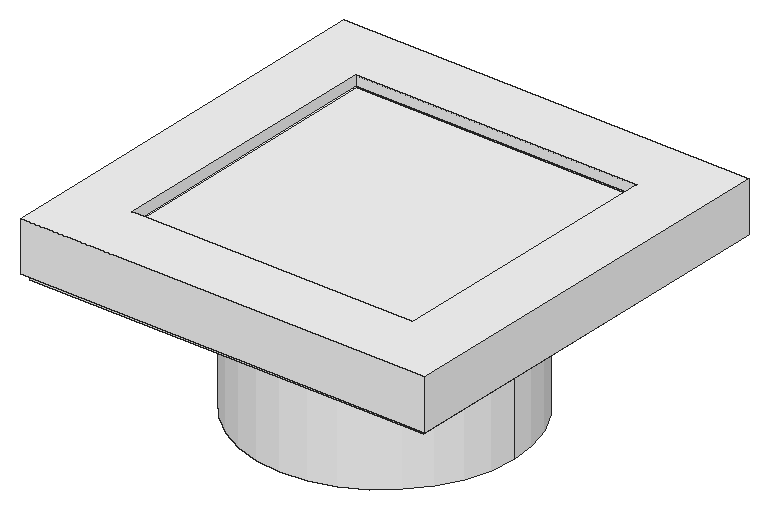
Revit family "Gira_012727", category Electrical Fixtures, host Face, Revit 2017
Family settings
  Host = Face
  Maintain Annotation Orientation = Yes
  Round Connector Dimension = Use Diameter
  Part Type = Normal
  Cut with Voids When Loaded = No
  Shared = No
  Room Calculation Point = No
Parameters (values of type "PB sw. interm.sw. System 55 p.white m")
  With mounting plate = "No"
  Wiring system = "Intermediate switch"
  White [instance] = White
  Washing machine switch = "No"
  URL = "http://katalog.gira.de/en/datenblatt.html?artikelnr=012727"
  Type of fastening = "Mounting with claw and screw"
  Surface protection = "Other"
  Surface finishing = "Matt"
  Suitable for degree of protection (IP) = "IP20"
  Rated current = "10"
  RAL-number (akin) = "9010"
  Push button switch = "Yes"
  Number of rockers = "1"
  Number of modules (module system) = "1"
  Nominal voltage = "250"
  Name = "PB sw. interm.sw. System 55 p.white m"
  Mounting method = "Flush mounted (plaster)"
  Model = "Sys55_Komplettgerät_Schalten und Tasten"
  Method of operation = "Rocker/button"
  Material quality = "Thermoplastic"
  Material = "Plastic"
  Manufacturer URL = "https://www.gira.de/"
  Manufacturer = "Gira"
  Label space/information surface = "No"
  Illumination = "No"
  HeinzeBIM = "https://bimportal.heinze.de/bim/pb-sw-interm-sw-system-55-p-white-m/a62523da7449d150f5f98cdfee27da05a95ad77b"
  Halogen free = "Yes"
  HAN = "012727"
  GTIN = "4010337127277"
  Feedback-signal contact = "No"
  Description = "PB sw.interm.sw. Sys55 PWm,Pushbutton switch 10 AX 250 V~ with rocker,Intermediate switch,pure white matt,"
  Default Elevation = 1219.2 mm
  Data sheet (1) = "https://katalog.gira.de/en/download.html?artikelnr=012727"
  Connection type = "Plug clamp"
  Colour = "White"
  Category = "Switch"
  BIM (1) = "https://media.stage.bim.site/public/gira/36a6b08/Sys55_Komplettgerät_Schalten und Tasten.rfa?public/gira/36a6b08/Sys55_Komplettgerät_Schalten und Tasten.rfa"
  Available = "No"
  Assembly arrangement = "Basic element with central cover plate"
Reference planes
  plane 1 "Center (Front/Back)": y = 0
  plane 2: z = 0
  plane 3 "Center (Left/Right)": x = 0
Forms (mm)
  Extrusion 1, solid, material "White" <- "White", detail levels medium
    sketch origin (0, 0, 0) x (1, 0, 0) y (0, 1, 0)
      loop
        line (-40.4, 40.4) -> (-40.4, -40.4) -> (40.4, -40.4) -> (40.4, 40.4) -> (-40.4, 40.4)
      loop
        line (-28, 28) -> (-28, -28) -> (28, -28) -> (28, 28) -> (-28, 28)
    from 0 to 10
  Extrusion 2, solid, material "White" <- "White", detail levels fine
    sketch origin (0, 0, 0) x (1, 0, 0) y (0, 1, 0)
      loop
        line (-40.4, 40.4) -> (-40.4, -40.4) -> (40.4, -40.4) -> (40.4, 40.4) -> (-40.4, 40.4)
      loop
        line (-28, 28) -> (-28, -28) -> (28, -28) -> (28, 28) -> (-28, 28)
    from 0 to 10
  Extrusion 3, void
    sketch origin (0, 0, 0) x (1, 0, 0) y (0, 1, 0)
      loop
        line (-38.4, 38.4) -> (-38.4, -38.4) -> (38.4, -38.4) -> (38.4, 38.4) -> (-38.4, 38.4)
    from 0 to 8
  Extrusion 4, solid, material "White" <- "White", detail levels medium+fine
    sketch origin (0, 0, 0) x (1, 0, 0) y (0, 1, 0)
      loop
        line (-39.4, 39.4) -> (-39.4, -39.4) -> (39.4, -39.4) -> (39.4, 39.4) -> (-39.4, 39.4)
    from 0 to -1
  Extrusion 5, solid, material "White" <- "White", detail levels medium+fine
    sketch origin (0, 0, 0) x (1, 0, 0) y (0, 1, 0)
      loop
        line (-35.5, 35.5) -> (-35.5, -35.5) -> (35.5, -35.5) -> (35.5, 35.5) -> (-35.5, 35.5)
    from -2 to -3
  Extrusion 6, solid, material "White" <- "White", detail levels medium+fine
    sketch origin (0, 0, 0) x (1, 0, 0) y (0, 1, 0)
      loop
        circle (0, 0) r 26
    from 0 to -27.5
  Extrusion 7, solid, material "White" <- "White", detail levels coarse
    sketch origin (0, 0, 0) x (1, 0, 0) y (0, 1, 0)
      loop
        line (-40.4, 40.4) -> (-40.4, -40.4) -> (40.4, -40.4) -> (40.4, 40.4) -> (-40.4, 40.4)
    from -27.5 to 10
Cuts and joins
  Extrusion 3 cuts Extrusion 2
Dimensions and locks
  aligned and locked: plane 2 to host face
  aligned and locked: level to host face
  aligned and locked: plane 3 "Center (Left/Right)" to nested 2
  aligned and locked: plane 1 "Center (Front/Back)" to nested 2
Nested families
  nested 1: "Sys55_Abdeckung_Schalten und Tasten_floor_base" at (0, 0, 0), type "Sys55_Abdeckung_Schalten und Tasten_floor_base"
  nested 2: "Schalter" at (0, 0, 0), type "Schalter"
Connectors
  electrical at (0, 0, -27.5)
    settings: on Extrusion 6, index 1, voltage 220 V, apparent load 0 VA, apparent load phase1 0 VA, apparent load phase2 0 VA, apparent load phase3 0 VA, power factor 1, load classification "Other", number of poles 1, system type 30, power factor state 1, is connector primary yes, connector utility no, sub classification motor no, connector description ""
Definition of nested family "Sys55_Abdeckung_Schalten und Tasten_floor_base"
  Parameters
    Default Elevation = 1219.2 mm
    White [instance] = none
  Reference planes
    plane 1 "Center (Front/Back)": y = 0
    plane 2: z = 0
    plane 3 "Center (Left/Right)": x = 0
  Forms (mm)
    Extrusion 1, solid
      sketch origin (0, 0, 0) x (1, 0, 0) y (0, 1, 0)
        loop
          line (-1219.2, 1219.2) -> (-1219.2, -1219.2) -> (1219.2, -1219.2) -> (1219.2, 1219.2) -> (-1219.2, 1219.2)
      from 0 to -304.8
    Extrusion 2, solid, material <- "White", detail levels fine
      sketch origin (0, 0, 0) x (1, 0, 0) y (0, 1, 0)
        loop
          line (-27.5, 27.5) -> (-27.5, -27.5) -> (27.5, -27.5) -> (27.5, 27.5) -> (-27.5, 27.5)
      from 0 to 8
    Extrusion 3, void
      sketch origin (0, 0, 0) x (1, 0, 0) y (0, 1, 0)
        loop
          line (26, 26) -> (-26, 26) -> (-26, -26) -> (26, -26) -> (26, 26)
      from 0 to 6
    Extrusion 4, solid, material <- "White", detail levels medium
      sketch origin (0, 0, 0) x (1, 0, 0) y (0, 1, 0)
        loop
          line (-27.5, 27.5) -> (-27.5, -27.5) -> (27.5, -27.5) -> (27.5, 27.5) -> (-27.5, 27.5)
      from 0 to 8
    Extrusion 5, solid, material <- "White", detail levels medium
      sketch origin (0, 0, 0) x (1, 0, 0) y (0, 1, 0)
        loop
          line (11, -17.5) -> (11, 17.5) -> (-11, 17.5) -> (-11, -17.5) -> (11, -17.5)
      from -6 to 6
    Extrusion 6, solid, material <- "White", detail levels fine
      sketch origin (0, 0, 0) x (1, 0, 0) y (0, 1, 0)
        loop
          line (11, 17.5) -> (-11, 17.5) -> (-11, 16.5) -> (11, 16.5) -> (11, 17.5)
        loop
          line (-11, -16.5) -> (-11, -17.5) -> (11, -17.5) -> (11, -16.5) -> (-11, -16.5)
      from -4 to 6
    Extrusion 7, solid, material <- "White", detail levels fine
      sketch origin (0, 0, 0) x (1, 0, 0) y (0, 1, 0)
        loop
          arc (5, 9.347) -> (0, 10.6) -> (-5, 9.347) r 10.6
          line (-5, 9.347) -> (-5, -9.347)
          arc (-5, -9.347) -> (0, -10.6) -> (5, -9.347) r 10.6
          line (5, -9.347) -> (5, 9.347)
      from -6 to 6
    Extrusion 8, solid, material <- "White", detail levels coarse
      sketch origin (0, 0, 0) x (1, 0, 0) y (0, 1, 0)
        loop
          line (-27.5, 27.5) -> (-27.5, -27.5) -> (27.5, -27.5) -> (27.5, 27.5) -> (-27.5, 27.5)
      from -6 to 8
  Cuts and joins
    Extrusion 3 cuts Extrusion 2
  Dimensions and locks
    aligned and locked: plane 2 to Extrusion 1
    aligned and locked: level to Extrusion 1
Definition of nested family "Schalter"
  Reference planes
    plane 1: y = 0
    plane 2: x = 0
  Lines and regions (mm)
    detail lines
      curve 1: circle (1.375, 2.778, 0) r 0.8 normal (0, 0, 1)
      curve 2: line (1.021, 2.061, 0) -> (0, 0, 0)
      curve 3: line (0, 0, 0) -> (-0.538, 0.266, 0)
  Dimensions and locks
    curve 2 to curve 2 = 2.3 mm
    curve 3 to curve 2 = 0.6 mm
    radius of curve 1 = 0.8 mm
